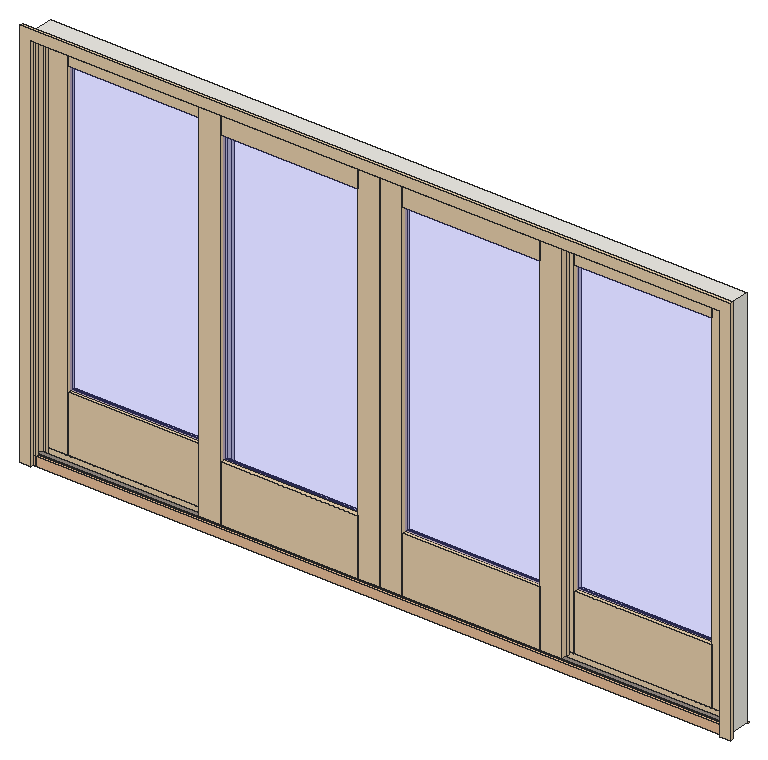
Revit family "Door-Gliding-Andersen-E_Series-Quad", category Doors, host Wall, Revit 2019 (continued)
Definition of nested family "Gliding_Panel"
  Nested families (in)
    nested 4: "Andersen Grille Bar" at (0, 0.5, 17.54688) x (0, 0, 1) z (0, 1, 0), Bar Length <- "H DLO", visible <- "BS S H", Bar Width <- "Grille Bar Size", type "Andersen Grille Bar"
      with Glass / 2 0' - 0 3/16", Glass 0' - 0 3/4", Center Line Length 2' - 5 1/4", Center Line 2, Bar Width 0' - 0 7/8", Bar Length 2' - 5 1/4"
    nested 5: "Andersen Grille Bar" at (0, 0.5, 9.92969) x (0, 0, 1) z (0, 1, 0), Bar Length <- "H DLO", visible <- "BS M H", Bar Width <- "Grille Bar Size", type "Andersen Grille Bar"
      with Glass / 2 0' - 0 3/16", Glass 0' - 0 3/4", Center Line Length 2' - 5 1/4", Center Line 2, Bar Width 0' - 0 7/8", Bar Length 2' - 5 1/4"
    nested 6: "Andersen Grille Bar" at (0, 0.5, 42) x (-1, 0, 0) z (0, 1, 0), Bar Length <- "TS V Bar Length", visible <- "TS S V", Bar Width <- "Grille Bar Size", type "Andersen Grille Bar"
      with Glass / 2 0' - 0 3/16", Glass 0' - 0 3/4", Center Line Length 6' - 6 1/2", Center Line 2, Bar Width 0' - 0 7/8", Bar Length 6' - 6 1/2"
    nested 7: "Andersen Grille Bar" at (-5.02083, 0.5, 42) x (-1, 0, 0) z (0, 1, 0), Bar Length <- "TS V Bar Length", visible <- "TS M V", Bar Width <- "Grille Bar Size", type "Andersen Grille Bar"
      with Glass / 2 0' - 0 3/16", Glass 0' - 0 3/4", Center Line Length 6' - 6 1/2", Center Line 2, Bar Width 0' - 0 7/8", Bar Length 6' - 6 1/2"
    nested 8: "Andersen Grille Bar" at (5.02083, 0.5, 42) x (-1, 0, 0) z (0, 1, 0), Bar Length <- "TS V Bar Length", visible <- "TS M V", Bar Width <- "Grille Bar Size", type "Andersen Grille Bar"
      with Glass / 2 0' - 0 3/16", Glass 0' - 0 3/4", Center Line Length 6' - 6 1/2", Center Line 2, Bar Width 0' - 0 7/8", Bar Length 6' - 6 1/2"
    nested 9: "Andersen Grille Bar" at (0, 0.5, 17.54687) x (-1, 0, 0) z (0, 1, 0), Bar Length <- "BS V DLO", visible <- "BS S V", Bar Width <- "Grille Bar Size", type "Andersen Grille Bar"
      with Glass / 2 0' - 0 3/16", Glass 0' - 0 3/4", Center Line Length 2' - 5 19/32", Center Line 2, Bar Width 0' - 0 7/8", Bar Length 2' - 5 19/32"
    nested 10: "Andersen Grille Bar" at (-5.02083, 0.5, 17.54687) x (-1, 0, 0) z (0, 1, 0), Bar Length <- "BS V DLO", visible <- "BS M V", Bar Width <- "Grille Bar Size", type "Andersen Grille Bar"
      with Glass / 2 0' - 0 3/16", Glass 0' - 0 3/4", Center Line Length 2' - 5 19/32", Center Line 2, Bar Width 0' - 0 7/8", Bar Length 2' - 5 19/32"
    nested 11: "Andersen Grille Bar" at (5.02083, 0.5, 17.54687) x (-1, 0, 0) z (0, 1, 0), Bar Length <- "BS V DLO", visible <- "BS M V", Bar Width <- "Grille Bar Size", type "Andersen Grille Bar"
      with Glass / 2 0' - 0 3/16", Glass 0' - 0 3/4", Center Line Length 2' - 5 19/32", Center Line 2, Bar Width 0' - 0 7/8", Bar Length 2' - 5 19/32"
    nested 12: "Andersen Grille Bar" at (0, 0.5, 42) x (0, 0, 1) z (0, 1, 0), Bar Length <- "H DLO", visible <- "TS S H", Bar Width <- "Horizontal Craftsman Bar Size", type "Andersen Grille Bar"
      with Glass / 2 0' - 0 3/16", Glass 0' - 0 3/4", Center Line Length 2' - 5 1/4", Center Line 2, Bar Width 0' - 0 7/8", Bar Length 2' - 5 1/4"
    nested 13: "Andersen Grille Bar" at (0, 0.5, 42) x (0, 0, 1) z (0, 1, 0), Bar Length <- "H DLO", visible <- "TS S H Craftsman", Bar Width <- "Grille Bar Size", type "Andersen Grille Bar"
      with Glass / 2 0' - 0 3/16", Glass 0' - 0 3/4", Center Line Length 2' - 5 1/4", Center Line 2, Bar Width 0' - 0 7/8", Bar Length 2' - 5 1/4"
    nested 14: "Andersen Grille Bar" at (0, 0.5, 17.54687) x (0, 0, 1) z (0, 1, 0), Bar Length <- "H DLO", visible <- "BS M H", Bar Width <- "Grille Bar Size", type "Andersen Grille Bar"
      with Glass / 2 0' - 0 3/16", Glass 0' - 0 3/4", Center Line Length 2' - 5 1/4", Center Line 2, Bar Width 0' - 0 7/8", Bar Length 2' - 5 1/4"
  Definition of nested family "Andersen Grille Bar"
    Parameters
      Interior Bar Visibility = yes
      Interior Bar Material = none
      Glass / 2 [instance] = (Glass / 2) - 0' 0 3/16"  # 0' - 0 1/8"
      Glass [instance] = 0' - 0 5/8"
      Exterior Bar Visibility = yes
      Exterior Bar Finish = none
      Default Elevation = 4' - 0"
      Center Line Length [instance] = if(Center Line = 1, Bar Length + (Bar Width / 2), Bar Length)  # 0' - 4 7/16"
      Center Line [instance] = 1
      Between Glass Bar Visibility = yes
      Between Glass Bar Finish = none
      Bar Width [instance] = 0' - 0 7/8"
      Bar Length [instance] = 0' - 4"
    Reference planes (in)
      plane 1 "Center (Front/Back)": y = 0
      plane 2 "a": z = 0
      plane 3 "Center (Left/Right)": x = 0
      plane 4 "1": x = -0.4375
      plane 5 "2": x = 0.4375
      plane 6: y = 2
      plane 7: y = -2
      plane 8 "b": z = -0.625
      plane 9: z = -0.125
      plane 10: y = -2.4375
      plane 11 "a1": z = 12
      plane 12 "a2": z = -12
    Forms (in)
      Extrusion 1, solid
        sketch origin (0, 0, 0) x (1, 0, 0) y (0, 1, 0)
          loop
            line (-48, 48) -> (-48, -48) -> (48, -48) -> (48, 48) -> (-48, 48)
        from 0 to -12
      Extrusion 2, solid, material <- "Exterior Bar Finish", visible <- "Exterior Bar Visibility", detail levels fine
        sketch origin (0, 0, 0) x (1, 0, 0) y (0, 1, 0)
          loop
            line (-0.4375, 2) -> (-0.4375, -2) -> (0.4375, -2) -> (0.4375, 2) -> (-0.4375, 2)
        from 0 to 0.375
      Extrusion 3, solid, material <- "Between Glass Bar Finish", visible <- "Between Glass Bar Visibility", detail levels fine
        sketch origin (0, 0, 0) x (1, 0, 0) y (0, 1, 0)
          loop
            line (-0.4375, 2) -> (-0.4375, -2) -> (0.4375, -2) -> (0.4375, 2) -> (-0.4375, 2)
        from -0.5 to -0.125
      Extrusion 4, solid, material <- "Interior Bar Material", visible <- "Interior Bar Visibility", detail levels fine
        sketch origin (0, 0, 0) x (1, 0, 0) y (0, 1, 0)
          loop
            line (-0.4375, 2) -> (-0.4375, -2) -> (0.4375, -2) -> (0.4375, 2) -> (-0.4375, 2)
        from -1 to -0.625
    Lines and regions (in)
      model lines, detail levels coarse+medium
        curve 1: line (0, 2, 0) -> (0, -2.4375, 0)
      symbolic lines, detail levels coarse+medium
        curve 2: line (0, 2, 12) -> (0, -2.4375, 12)
        curve 3: line (0, 2, -12) -> (0, -2.4375, -12)
      model lines, not visible, detail levels coarse
        curve 4: line (0, 0, 12) -> (0, 0, -12)
      symbolic lines, detail levels fine
        curve 5: line (-0.4375, 2, 0) -> (-0.4375, -2, 0)
        curve 6: line (0.4375, 2, 0) -> (0.4375, -2, 0)
    Dimensions and locks (in)
      "Glass": plane 2 "a" to plane 8 "b"
      "Glass / 2": plane 2 "a" to plane 9
      locked: Extrusion 2 to Extrusion 2 at 0.375
      locked: plane 9 to Extrusion 3 at 0.375
      locked: plane 8 "b" to Extrusion 4 at 0.375
      equal spacing: plane 4 "1", plane 3 "Center (Left/Right)", plane 5 "2"
      equal spacing: plane 6, plane 1 "Center (Front/Back)", plane 7
      "Bar Width": plane 4 "1" to plane 5 "2"
      "Bar Length": plane 6 to plane 7
      "Center Line Length": plane 6 to plane 10
      locked: plane 11 "a1" to plane 2 "a" at 12
      locked: plane 2 "a" to plane 12 "a2" at 12
      aligned and locked: plane 2 "a" to Extrusion 1
      aligned and locked: level to Extrusion 1
      aligned and locked: Extrusion 2 to plane 2 "a"
      aligned and locked: Extrusion 2 to plane 4 "1"
      aligned and locked: plane 5 "2" to Extrusion 2
      aligned and locked: plane 6 to Extrusion 2
      aligned and locked: Extrusion 2 to plane 7
      aligned and locked: plane 9 to Extrusion 3
      aligned and locked: Extrusion 3 to plane 4 "1"
      aligned and locked: plane 5 "2" to Extrusion 3
      aligned and locked: plane 6 to Extrusion 3
      aligned and locked: Extrusion 3 to plane 7
      aligned and locked: plane 8 "b" to Extrusion 4
      aligned and locked: Extrusion 4 to plane 4 "1"
      aligned and locked: plane 5 "2" to Extrusion 4
      aligned and locked: plane 6 to Extrusion 4
      aligned and locked: Extrusion 4 to plane 7
      aligned and locked: plane 6 to curve 1
      aligned and locked: plane 10 to curve 1
      aligned and locked: curve 1 to plane 3 "Center (Left/Right)"
      aligned and locked: plane 6 to curve 2
      aligned and locked: plane 10 to curve 2
      aligned and locked: curve 2 to plane 3 "Center (Left/Right)"
      aligned and locked: plane 6 to curve 3
      aligned and locked: plane 10 to curve 3
      aligned and locked: curve 3 to plane 3 "Center (Left/Right)"
      aligned and locked: plane 11 "a1" to curve 4
      aligned and locked: plane 12 "a2" to curve 4
      aligned and locked: curve 4 to plane 1 "Center (Front/Back)"
      aligned and locked: plane 6 to curve 5
      aligned and locked: plane 6 to curve 6
      aligned and locked: plane 7 to curve 6
      aligned and locked: plane 7 to curve 5
      aligned and locked: curve 5 to plane 4 "1"
      aligned and locked: curve 6 to plane 5 "2"
    Automatic sketch dimensions
      Extrusion 1 sketch curve to Extrusion 1 sketch curve = 8' - 0"  (x2)
      plane 7 to Extrusion 2 sketch curve = 0' - 0"
      Extrusion 2 sketch curve to plane 5 "2" = 0' - 0 7/8"
      Extrusion 2 sketch curve to plane 6 = 0' - 0"
      Extrusion 2 sketch curve to Extrusion 2 sketch curve = 0' - 0 7/8"
      plane 7 to Extrusion 3 sketch curve = 0' - 0"
      Extrusion 3 sketch curve to plane 5 "2" = 0' - 0 7/8"
      Extrusion 3 sketch curve to plane 6 = 0' - 0"
      Extrusion 3 sketch curve to Extrusion 3 sketch curve = 0' - 0 7/8"
      Extrusion 4 sketch curve to plane 7 = 0' - 0"
      Extrusion 4 sketch curve to plane 5 "2" = 0' - 0 7/8"
      Extrusion 4 sketch curve to plane 6 = 0' - 0"
      Extrusion 4 sketch curve to Extrusion 4 sketch curve = 0' - 0 7/8"
Types (11): name | Rough Width | Rough Height | Masonry Width | Masonry Height | LWide | . . Lights Wide | . . Top Light Lights High | . . Bottom Light Lights High | VGB DLO | V Bars | TS V DLO | TS V Bar Length | TS SH DLO | TS M V | TS M H | TS HGB DLO | TS H Bars | Panel Width | Panel Height | H DLO | Function | Height | Wall Closure | Width | Designation | CTRL Height | BS V DLO | BS SH DLO | BS S H | BS M V
  9' 10-1/4" x 6' 8" | 9' - 10 3/4" | 6' - 8 1/2" | 9' - 10 3/4" | 6' - 8 1/2" | 3 | 3 | 5 | 1 | 2' - 10.83333" | 2 | 5' - 8" | 5' - 8" | 3' - 4" | yes | yes | 1' - 0.9" | 4 | 2' - 7 3/16" | 6' - 4 7/8" | 8' - 10 1/4" | Exterior | 6' - 8" | By host | 9' - 10 1/4" | "4PGP10068" | 6' - 8" | 5' - 8" | 3' - 4" | no | yes
  9' 10-1/4" x 6' 10" | 9' - 10 3/4" | 6' - 10 1/2" | 9' - 10 3/4" | 6' - 10 1/2" | 3 | 3 | 5 | 1 | 2' - 10.83333" | 2 | 5' - 10" | 5' - 10" | 3' - 5" | yes | yes | 1' - 1.3" | 4 | 2' - 7 3/16" | 6' - 6 7/8" | 8' - 10 1/4" | Exterior | 6' - 10" | By host | 9' - 10 1/4" | "4PGP100610" | 6' - 10" | 5' - 10" | 3' - 5" | no | yes
  9' 10-1/4" x 8' 0" | 9' - 10 3/4" | 8' - 0 1/2" | 9' - 10 3/4" | 8' - 0 1/2" | 3 | 3 | 6 | 1 | 2' - 10.83333" | 2 | 7' - 0" | 7' - 0" | 4' - 0" | yes | yes | 1' - 1.27083" | 5 | 2' - 7 3/16" | 7' - 8 7/8" | 8' - 10 1/4" | Exterior | 8' - 0" | By host | 9' - 10 1/4" | "4PGP10080" | 8' - 0" | 7' - 0" | 4' - 0" | no | yes
  11' 10-1/4" x 6' 8" | 11' - 10 3/4" | 6' - 8 1/2" | 11' - 10 3/4" | 6' - 8 1/2" | 3 | 3 | 5 | 1 | 3' - 6.83333" | 2 | 5' - 8" | 5' - 8" | 3' - 4" | yes | yes | 1' - 0.9" | 4 | 3' - 1 3/16" | 6' - 4 7/8" | 10' - 10 1/4" | Exterior | 6' - 8" | By host | 11' - 10 1/4" | "4PGP12068" | 6' - 8" | 5' - 8" | 3' - 4" | no | yes
  11' 10-1/4" x 6' 10" | 11' - 10 3/4" | 6' - 10 1/2" | 11' - 10 3/4" | 6' - 10 1/2" | 3 | 3 | 5 | 1 | 3' - 6.83333" | 2 | 5' - 10" | 5' - 10" | 3' - 5" | yes | yes | 1' - 1.3" | 4 | 3' - 1 3/16" | 6' - 6 7/8" | 10' - 10 1/4" | Exterior | 6' - 10" | By host | 11' - 10 1/4" | "4PGP120610" | 6' - 10" | 5' - 10" | 3' - 5" | no | yes
  11' 10-1/4" x 8' 0" | 11' - 10 3/4" | 8' - 0 1/2" | 11' - 10 3/4" | 8' - 0 1/2" | 3 | 3 | 6 | 1 | 3' - 6.83333" | 2 | 7' - 0" | 7' - 0" | 4' - 0" | yes | yes | 1' - 1.27083" | 5 | 3' - 1 3/16" | 7' - 8 7/8" | 10' - 10 1/4" | Exterior | 8' - 0" | By host | 11' - 10 1/4" | "4PGP12080" | 8' - 0" | 7' - 0" | 4' - 0" | no | yes
  15' 10-1/4" x 6' 8" | 15' - 10 3/4" | 6' - 8 1/2" | 15' - 10 3/4" | 6' - 8 1/2" | 4 | 4 | 5 | 1 | 3' - 7 29/32" | 3 | 5' - 8" | 5' - 8" | 3' - 4" | yes | yes | 1' - 0.9" | 4 | 4' - 1 3/16" | 6' - 4 7/8" | 14' - 10 1/4" | Exterior | 6' - 8" | By host | 15' - 10 1/4" | "4PGP16068" | 6' - 8" | 5' - 8" | 3' - 4" | no | yes
  15' 10-1/4" x 6' 10" | 15' - 10 3/4" | 6' - 10 1/2" | 15' - 10 3/4" | 6' - 10 1/2" | 4 | 4 | 5 | 1 | 3' - 7 29/32" | 3 | 5' - 10" | 5' - 10" | 3' - 5" | yes | yes | 1' - 1.3" | 4 | 4' - 1 3/16" | 6' - 6 7/8" | 14' - 10 1/4" | Exterior | 6' - 10" | By host | 15' - 10 1/4" | "4PGP160610" | 6' - 10" | 5' - 10" | 3' - 5" | no | yes
  15' 10-1/4" x 8' 0" | 15' - 10 3/4" | 8' - 0 1/2" | 15' - 10 3/4" | 8' - 0 1/2" | 4 | 4 | 6 | 1 | 3' - 7 29/32" | 3 | 7' - 0" | 7' - 0" | 4' - 0" | yes | yes | 1' - 1.27083" | 5 | 4' - 1 3/16" | 7' - 8 7/8" | 14' - 10 1/4" | Exterior | 8' - 0" | By host | 15' - 10 1/4" | "4PGP16080" | 8' - 0" | 7' - 0" | 4' - 0" | no | yes
  12'-4" x 6'-10" | 12' - 4 1/2" | 6' - 10 1/2" | 12' - 4 1/2" | 6' - 10 1/2" | 1 | 1 | 1 | 1 | 3' - 8 3/4" | 2 | 5' - 10" | 5' - 10" | 3' - 5" | no | no | 0' - 4" | 2 | 3' - 2 5/8" | 6' - 6 7/8" | 11' - 4" | 1 | 6' - 10" | (empty or 0) | 12' - 4" | "4PGP120610" | 6' - 10" | 5' - 10" | 3' - 5" | no | no
  Door-Gliding-Andersen-E_Series-Quad | 9' - 11" | 6' - 8 1/2" | 9' - 11" | 6' - 8 1/2" | 3 | 3 | 5 | 2 | 2' - 10.91667" | 2 | 5' - 8" | 5' - 8" | 3' - 4" | yes | yes | 1' - 0.9" | 4 | 2' - 7 1/4" | 6' - 4 7/8" | 8' - 10 1/2" | 1 | 6' - 8" | (empty or 0) | 9' - 10 1/2" | "GD" | 6' - 8" | 5' - 8" | 3' - 4" | yes | yes
